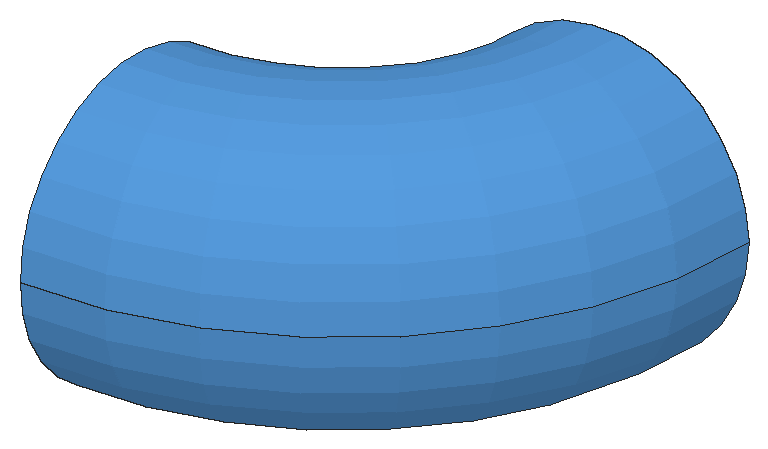
Revit family "BMP_PPR_Elbow90", category Pipe Fittings, Revit 2024
Family settings
  Round Connector Dimension = Use Diameter
  Part Type = Elbow
  Work Plane-Based = Yes
  Always vertical = No
  Cut with Voids When Loaded = No
  Shared = No
Parameters (values of type "20 mm")
  Default Elevation = 1219.2 mm
  BMP_Z_mm = 11 mm
  BMP_Z2_mm = 11 mm
  BMP_Parametric_Revision = "2.0"
  BMP_PN_bar = 20
  BMP_Manufacturer = "Binh Minh Plastics - independent catalogue-based BIM"
  BMP_L_mm = 52 mm
  BMP_H_mm = 26 mm
  BMP_H2_mm = 26 mm
  BMP_Geometry_Note = "Native parametric simplified fitting; editable type dimensions in millimeters."
  BMP_D_mm = 28 mm
  BMP_DN_mm = 20 mm
  BMP_DN2_mm = 20 mm
  BMP_D2_mm = 28 mm
  BMP_Catalogue_PDF_Page = "101"
  BMP_Bore_mm = 20 mm
  BMP_Bore2_mm = 20 mm
  BMP_Bend_Radius_mm = BMP_H_mm / tan(Angle / 2)  # 26 mm
  Angle = 90.00°  # constant formula
Types (6, lengths in mm): name | BMP_Z_mm | BMP_Z2_mm | BMP_L_mm | BMP_H_mm | BMP_H2_mm | BMP_D_mm | BMP_DN_mm | BMP_DN2_mm | BMP_D2_mm | BMP_Bore_mm | BMP_Bore2_mm | BMP_Bend_Radius_mm
  20 mm | 11 | 11 | 52 | 26 | 26 | 28 | 20 | 20 | 28 | 20 | 20 | 26
  25 mm | 14 | 14 | 60 | 30 | 30 | 35 | 25 | 25 | 35 | 25 | 25 | 30
  32 mm | 19 | 19 | 74 | 37 | 37 | 43 | 32 | 32 | 43 | 32 | 32 | 37
  40 mm | 23 | 23 | 86 | 43 | 43 | 52 | 40 | 40 | 52 | 40 | 40 | 43
  50 mm | 29 | 29 | 106 | 53 | 53 | 64 | 50 | 50 | 64 | 50 | 50 | 53
  63 mm | 36 | 36 | 126 | 63 | 63 | 82 | 63 | 63 | 82 | 63 | 63 | 63
Reference planes
  plane 1 "Center (Front/Back)": y = 0
  plane 2: z = 0
  plane 3 "Center (Left/Right)": x = 0
Forms (mm)
  Revolve 1, solid, material "BMP_PPR"
    sketch origin (0, 0, 0) x (0, -1, 0) y (0, 0, 1)
      loop
        circle (26, 0) r 14
      loop
        circle (26, 0) r 10
      axis (0, 0) -> (0, -1)
    angle from 0 to 90 <- "Angle"
Lines and regions (mm)
  reference lines, not visible
    curve 1: line (0, -3000, 0) -> (0, 3000, 0)
    curve 2: line (0, 0, -3000) -> (0, 0, 3000)
Dimensions and locks
  "BMP_Bend_Radius_mm": Revolve 1 sketch curve to curve 2  (x2)
  "BMP_D_mm": diameter of Revolve 1 sketch curve  (x2)
  "BMP_Bore_mm": diameter of Revolve 1 sketch curve  (x2)
  aligned and locked: level to plane 2
  aligned and locked: curve 1 to Revolve 1 sketch curve  (x2)
Automatic sketch dimensions
  curve 1 to level = 0 mm
  curve 2 to plane 1 "Center (Front/Back)" = 0 mm
  curve 1 to plane 1 "Center (Front/Back)" = 3000 mm
  plane 1 "Center (Front/Back)" to curve 1 = 3000 mm
  curve 2 to level = 3000 mm
  level to curve 2 = 3000 mm
  Revolve 1 sketch curve to Revolve 1 sketch curve = 0 mm
  Revolve 1 sketch curve to plane 1 "Center (Front/Back)" = 0 mm
  plane 1 "Center (Front/Back)" to Revolve 1 sketch curve = 26 mm
  Revolve 1 sketch curve to level = 1000 mm
  level to Revolve 1 sketch curve = 1000 mm
Connectors
  piping at (0, -26, 0), diameter 20, driven by "BMP_DN_mm", driven by "Angle"
    settings: on Revolve 1, index 1, connector inside diameter 609.6 mm, connector length 0 mm, flow factor 0, pipe flow 0.0 L/s, pressure drop 0.0 Pa, fitting loss kfactor 0, connector angle 90.00°, fixture units 0, engagement length 0 mm, angle of deflection 0.00°, flow configuration 0, flow direction 0, fitting loss method 0, system type 28, joint type 0, gender type 0, connector reference index 2, connector utility 0, adjustable connector no, is connector primary yes, connector description ""
  piping at (26, 0, 0), diameter 20, driven by "BMP_DN_mm", driven by "Angle"
    settings: on Revolve 1, index 2, connector inside diameter 609.6 mm, connector length 0 mm, flow factor 0, pipe flow 0.0 L/s, pressure drop 0.0 Pa, fitting loss kfactor 0, connector angle 90.00°, fixture units 0, engagement length 0 mm, angle of deflection 0.00°, flow configuration 0, flow direction 0, fitting loss method 0, system type 28, joint type 0, gender type 0, connector reference index 1, connector utility 0, adjustable connector no, is connector primary no, connector description ""
